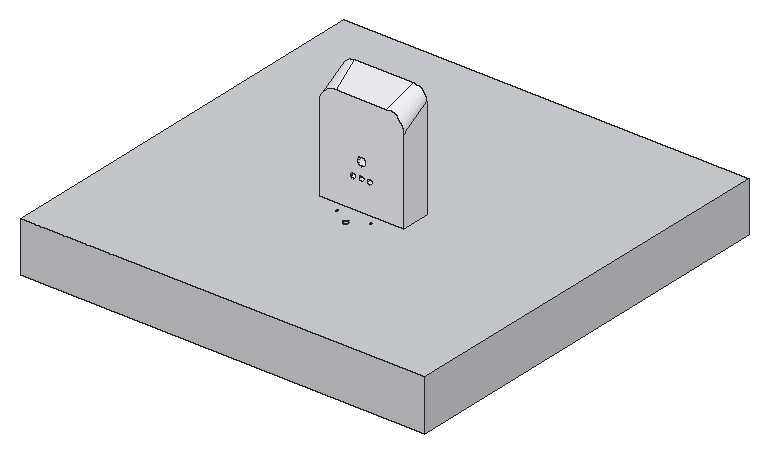
Revit family
Parameters (values of type "9141.911")
  Waste Connection = yes
  WFU = 0
  Vent Connection = no
  URL = "http://www.americanstandard-us.com"
  Sink Material = Vitreous China
  Revised Date = "09/12/2011"
  Product URL = "http://www.americanstandard-us.com/products/productDetail.aspx?id=107"
  Phone # = "416-250-5656"
  Model = "9141.911"
  Manufacturer = "American Standard"
  Keynote = ""
  HWFU = 0
  HW Connection = yes
  Designed By = "ATS BIM Team"
  Description = "'WHEELCHAIR BASIN', Sealed Overflow, 4\" (102mm) centers, 27\" x 20\" x 3 - 7-1/2\" (686mm x 508mm x 76 - 191mm) deep, wall hung, vitreous china, flat slab design, body fitting low front lip for wheelchair access, for concealed arm carrier. "
  Default Elevation = 2' - 10"
  CWFU = 0
  CW Connection = yes
  Assembly Code = "D2010310"
Reference planes (in)
  plane 1 "Center (Front/Back)": y = 0
  plane 2: z = 0
  plane 3 "Center (Left/Right)": x = 0
  plane 4: z = 27
  plane 5: x = 10
  plane 6: x = -10
  plane 7: z = 24
  plane 8 "Drain Location": z = 10.75
  plane 9: x = 7.5
  plane 10: x = -7.5
  plane 11: z = 9
  plane 12: y = -3
  plane 13: y = -6.625
  plane 14: z = 7.125
  plane 15: x = 2
  plane 16: x = -2
  plane 17: y = -3.3125
  plane 18: y = -11.4375
  plane 19: y = -9
  plane 20: x = 4
  plane 21: x = -4
Forms (in)
  Extrusion 1, solid
    sketch origin (0, 0, 0) x (1, 0, 0) y (0, 1, 0)
      loop
        line (-48, 48) -> (-48, -48) -> (48, -48) -> (48, 48) -> (-48, 48)
    from 0 to -12
  SweptBlend 2, solid, material "Vitreous China" <- "Sink Material"
    path origin (0, 0, 0) x (1, 0, 0) y (0, 1, 0)
      loop
        line (0, 0) -> (0, -6.625)
    profile origin (0, 0, 0) x (1, 0, 0) y (0, 0, 1)
      loop
        line (-10, 0) -> (10, 0) -> (10, 24)
        arc (10, 24) -> (9.12132, 26.12132) -> (7, 27) r 3
        line (7, 27) -> (-7, 27)
        arc (-7, 27) -> (-9.12132, 26.12132) -> (-10, 24) r 3
        line (-10, 24) -> (-10, 0)
    end profile origin (0, -6.625, 0) x (1, 0, 0) y (0, 0, 1)
      loop
        line (-10, 0) -> (10, 0) -> (10, 20)
        arc (10, 20) -> (8.82843, 22.82843) -> (6, 24) r 4
        line (6, 24) -> (-6, 24)
        arc (-6, 24) -> (-8.82843, 22.82843) -> (-10, 20) r 4
        line (-10, 20) -> (-10, 0)
  SweptBlend 3, void
    path origin (0, 0, 0) x (1, 0, 0) y (0, 1, 0)
      loop
        line (0, 0) -> (0, -3)
    profile origin (0, 0, 0) x (1, 0, 0) y (0, 0, 1)
      loop
        line (6.72869, 24) -> (-6.72869, 24)
        arc (-6.72869, 24) -> (-7.26896, 23.7702) -> (-7.47815, 23.22162) r 0.75
        arc (-7.47815, 23.22162) -> (-6.95447, 18.12365) -> (-5.77922, 13.13543) r 39.74832
        arc (-5.77922, 13.13543) -> (0, 8.85541) -> (5.77922, 13.13543) r 6.04179
        arc (5.77922, 13.13543) -> (6.95447, 18.12365) -> (7.47815, 23.22162) r 39.74832
        arc (7.47815, 23.22162) -> (7.26896, 23.7702) -> (6.72869, 24) r 0.75
    end profile origin (0, -3, 0) x (1, 0, 0) y (0, 0, 1)
      loop
        arc (6.85137, 22.51573) -> (6.69551, 22.85072) -> (6.35218, 22.98723) r 0.5
        line (6.35218, 22.98723) -> (-6.35218, 22.98723)
        arc (-6.35218, 22.98723) -> (-6.69551, 22.85072) -> (-6.85137, 22.51573) r 0.5
        arc (-6.85137, 22.51573) -> (-6.71894, 17.80477) -> (-5.79009, 13.18438) r 27.70929
        arc (-5.79009, 13.18438) -> (0, 8.84063) -> (5.79009, 13.18438) r 6.03088
        arc (5.79009, 13.18438) -> (6.71894, 17.80477) -> (6.85137, 22.51573) r 27.70929
  Extrusion 4, void
    sketch origin (0, -3, 22.51573) x (0, 0, 1) y (1, 0, 0)
      loop
        circle (-11.76573, 0) r 1
    from 0 to -3.625
  Extrusion 5, void
    sketch origin (0, 0, 0) x (-1, 0, 0) y (0, 0, 1)
      loop
        circle (-2, 7.125) r 0.625
      loop
        circle (0, 7.125) r 0.625
      loop
        circle (2, 7.125) r 0.625
    from 0 to -6.625
  Extrusion 6, solid, material "Polished Chrome"
    sketch origin (0, 0, 0) x (1, 0, 0) y (0, 1, 0)
      loop
        circle (4, -9) r 0.1875
      loop
        circle (0, -11.4375) r 0.625
      loop
        circle (-4, -9) r 0.1875
    from 0 to -0.25
Cuts and joins
  SweptBlend 3, Extrusion 4, Extrusion 5 cuts SweptBlend 2
Dimensions and locks (in)
  locked: plane 12 to plane 1 "Center (Front/Back)" at 3
  locked: plane 17 to plane 1 "Center (Front/Back)" at 3.3125
  plane 16 to plane 3 "Center (Left/Right)" to plane 15 = 0' - 2" locked, 0' - 2" locked
  locked: plane 18 to plane 1 "Center (Front/Back)" at 11.4375
  locked: plane 19 to plane 1 "Center (Front/Back)" at 9
  locked: plane 18 to Extrusion 6 sketch curve at 0
  locked: plane 3 "Center (Left/Right)" to Extrusion 6 sketch curve at 0
  locked: plane 20 to Extrusion 6 sketch curve at 0
  locked: Extrusion 6 sketch curve to plane 21 at 0
  locked: plane 19 to Extrusion 6 sketch curve at 0  (x2)
  locked: plane 2 to Extrusion 6 at 0.25
  locked: Extrusion 6 sketch curve to Extrusion 6 sketch curve (radius 0' - 0 5/8")
  locked: Extrusion 6 sketch curve to Extrusion 6 sketch curve (radius 0' - 0 3/16")  (x2)
  aligned and locked: plane 2 to Extrusion 1
  aligned and locked: level to Extrusion 1
  aligned and locked: plane 12 to cut or joined group of SweptBlend 2, SweptBlend 3, Extrusion 4, Extrusion 5
  aligned and locked: plane 13 to cut or joined group of SweptBlend 2, SweptBlend 3, Extrusion 4, Extrusion 5
  aligned and locked: cut or joined group of SweptBlend 2, SweptBlend 3, Extrusion 4, Extrusion 5 to plane 12
  aligned and locked: Extrusion 5 to plane 1 "Center (Front/Back)"
  aligned and locked: SweptBlend 2 to Extrusion 5
  aligned and locked: plane 2 to Extrusion 6
Connectors (in)
  piping at (0, -11.4375, 0), driven by "WFU"
    settings: on Extrusion 6, index 1
  piping at (-4, -9, 0), driven by "HWFU"
    settings: on Extrusion 6, index 2
  piping at (4, -9, 0), driven by "CWFU"
    settings: on Extrusion 6, index 3
